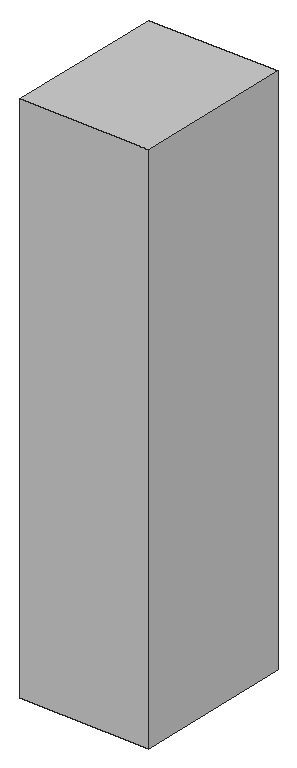
Revit family "Conc.Columns", category Structural Columns, Revit 2020
Family settings
  Display in Hidden Views = Edges Hidden by Other Members
  Section Shape = Not Defined
  Material for Model Behavior = Concrete
  Always export as geometry = No
  Beam cutback in plan = From bounding box
  OmniClass Number = 23.25.30.11.14.11
  OmniClass Title = Columns
  Cut with Voids When Loaded = No
  Symbolic Representation = From Family
  Shared = No
  Show family pre-cut in plan views = Yes
Parameters (values of type "C")
  b = 600 mm
  h = 750 mm
  Structural Material [instance] = Concrete, Cast-in-Place gray
Reference planes
  plane 1 "Center (Front/Back)": y = 0
  plane 2: z = 0
  plane 3 "Center (Left/Right)": x = 0
  plane 4: x = -300
  plane 5: x = 300
  plane 6: y = 375
  plane 7: y = -375
Forms (mm)
  Extrusion 1, solid, material "Concrete, Cast-in-Place gray" <- "Structural Material"
    sketch origin (0, 0, 0) x (1, 0, 0) y (0, 1, 0)
      loop
        line (-300, 375) -> (-300, -375) -> (300, -375) -> (300, 375) -> (-300, 375)
    from 0 to 2500
Dimensions and locks
  equal spacing: plane 4, plane 3 "Center (Left/Right)", plane 5
  equal spacing: plane 7, plane 1 "Center (Front/Back)", plane 6
  "h": plane 7 to plane 6
  "b": plane 4 to plane 5
  aligned and locked: Extrusion 1 sketch curve to plane 6
  aligned and locked: Extrusion 1 sketch curve to plane 7
  aligned and locked: Extrusion 1 sketch curve to plane 4
  aligned and locked: Extrusion 1 sketch curve to plane 5
  aligned and locked: level to Extrusion 1
  aligned and locked: level to plane 2
  aligned and locked: Extrusion 1 to plane 2
